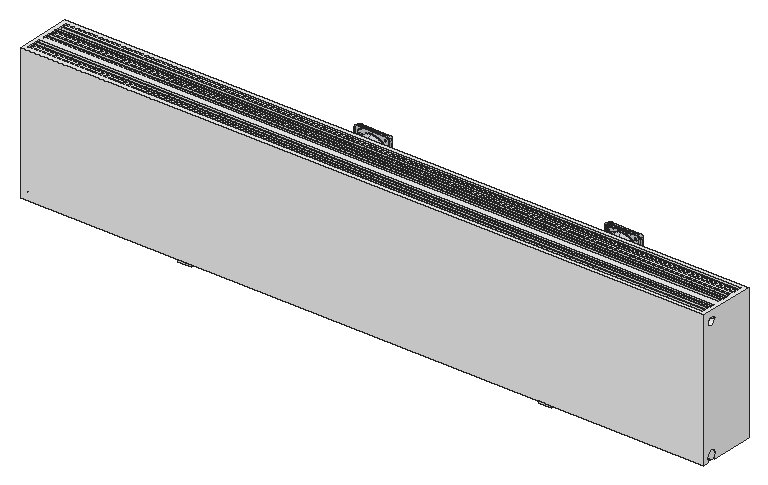
Revit family "57_CRD_ME_Climarad_2-0_elektrisch", category Mechanical Equipment, Revit 2020 (continued)
Definition of nested family "Square Grille"
  Dimensions and locks
    diameter of Extrusion 7 sketch curve = 93 mm
    aligned and locked: level to plane 2
    aligned and locked: Sweep 2 sketch curve to plane 1 "Center (Front/Back)"
    aligned and locked: Sweep 2 sketch curve to profile plane
    aligned and locked: Extrusion 4 to plane 1 "Center (Front/Back)"
    aligned and locked: plane 1 "Center (Front/Back)" to Extrusion 7
    aligned and locked: Extrusion 8 to plane 1 "Center (Front/Back)"
Definition of nested family "57_CRD_ME_kap_climarad_2-0"
  Parameters (values of type "diepte 157 mm")
    materiaal [instance] = none
    lengte [instance] = 2600 mm
    hoogte [instance] = 504 mm
    dikte_staal_sleuf = 1.5 mm
    dikte = 15 mm
    diepte [instance] = 157 mm
    breedte_sleuf = 8 mm
    Default Elevation = 1219.2 mm
  Types (3, lengths in mm): name | hoogte | dikte_staal_sleuf | diepte | breedte_sleuf
    (no name) | 504 | 1.5 | 157 | 8
    diepte 197 mm | 679.861 | 2.5 | 197 | 10
    diepte 157 mm | 504 | 1.5 | 157 | 8
  Reference planes
    plane 1 "Center (Front/Back)": y = 0
    plane 2: z = 0
    plane 3 "Center (Left/Right)": x = 0
    plane 4: x = -1300
    plane 5: x = 1300
    plane 6: y = 157
    plane 7: x = -1285
    plane 8: x = 1285
    plane 9: y = 15
    plane 10 "bovenkant": z = 504
    plane 11: z = 489
    plane 12: y = 142
    plane 13: y = 23
    plane 14: y = 24.5
    plane 15: y = 32.5
    plane 16: y = 34
    plane 17: y = 42
    plane 18: y = 43.5
    plane 19: y = 51.5
    plane 20: y = 134
    plane 21: y = 132.5
    plane 22: y = 124.5
    plane 23: y = 123
    plane 24: y = 115
    plane 25: y = 113.5
    plane 26: y = 105.5
    plane 27: y = 104
    plane 28: y = 96
    plane 29: y = 94.5
    plane 30: y = 86.5
    plane 31: y = 85
    plane 32: y = 77
    plane 33: y = 75.5
    plane 34: y = 67.5
  Forms (mm)
    Extrusion 1, solid, material <- "materiaal"
      sketch origin (0, 0, 0) x (1, 0, 0) y (0, 1, 0)
        loop
          line (-1300, 157) -> (-1300, 0) -> (1300, 0) -> (1300, 157) -> (-1300, 157)
      from 0 to 504 <- "hoogte"
    Extrusion 2, void
      sketch origin (0, 0, 0) x (1, 0, 0) y (0, 1, 0)
        loop
          line (-1285, 15) -> (1285, 15) -> (1285, 157) -> (-1285, 157) -> (-1285, 15)
      from 0 to 489
    Extrusion 3, void
      sketch origin (0, 0, 504) x (-1, 0, 0) y (0, -1, 0)
        loop
          line (1285, -142) -> (1285, -134) -> (-1285, -134) -> (-1285, -142) -> (1285, -142)
      from 0 to -15
    Extrusion 4, void
      sketch origin (0, -12, 504) x (-1, 0, 0) y (0, -1, 0)
        loop
          line (1285, -144.5) -> (1285, -136.5) -> (-1285, -136.5) -> (-1285, -144.5) -> (1285, -144.5)
      from 0 to -15
    Extrusion 5, void
      sketch origin (0, -24, 504) x (-1, 0, 0) y (0, -1, 0)
        loop
          line (1285, -147) -> (1285, -139) -> (-1285, -139) -> (-1285, -147) -> (1285, -147)
      from 0 to -15
    Extrusion 6, void
      sketch origin (0, -36, 504) x (-1, 0, 0) y (0, -1, 0)
        loop
          line (1285, -149.5) -> (1285, -141.5) -> (-1285, -141.5) -> (-1285, -149.5) -> (1285, -149.5)
      from 0 to -15
    Extrusion 7, void
      sketch origin (0, -48, 504) x (-1, 0, 0) y (0, -1, 0)
        loop
          line (1285, -152) -> (1285, -144) -> (-1285, -144) -> (-1285, -152) -> (1285, -152)
      from 0 to -15
    Extrusion 8, void
      sketch origin (0, -60, 504) x (-1, 0, 0) y (0, -1, 0)
        loop
          line (1285, -154.5) -> (1285, -146.5) -> (-1285, -146.5) -> (-1285, -154.5) -> (1285, -154.5)
      from 0 to -15
    Extrusion 9, void
      sketch origin (0, -72, 504) x (-1, 0, 0) y (0, -1, 0)
        loop
          line (1285, -157) -> (1285, -149) -> (-1285, -149) -> (-1285, -157) -> (1285, -157)
      from 0 to -15
    Extrusion 10, void
      sketch origin (0, -84, 504) x (-1, 0, 0) y (0, -1, 0)
        loop
          line (1285, -159.5) -> (1285, -151.5) -> (-1285, -151.5) -> (-1285, -159.5) -> (1285, -159.5)
      from 0 to -15
    Extrusion 11, void
      sketch origin (0, -121, 504) x (-1, 0, 0) y (0, -1, 0)
        loop
          line (1285, -172.5) -> (1285, -164.5) -> (-1285, -164.5) -> (-1285, -172.5) -> (1285, -172.5)
      from 0 to -15
    Extrusion 12, void
      sketch origin (0, -133, 504) x (-1, 0, 0) y (0, -1, 0)
        loop
          line (1285, -175) -> (1285, -167) -> (-1285, -167) -> (-1285, -175) -> (1285, -175)
      from 0 to -15
    Extrusion 13, void
      sketch origin (0, -145, 504) x (-1, 0, 0) y (0, -1, 0)
        loop
          line (1285, -177.5) -> (1285, -169.5) -> (-1285, -169.5) -> (-1285, -177.5) -> (1285, -177.5)
      from 0 to -15
    Extrusion 14, void
      sketch origin (0, -157, 504) x (-1, 0, 0) y (0, -1, 0)
        loop
          line (1285, -180) -> (1285, -172) -> (-1285, -172) -> (-1285, -180) -> (1285, -180)
      from 0 to -15
    Sweep 15, void
      path origin (0, 0, 504) x (-1, 0, 0) y (0, -1, 0)
        loop
          line (-1300, 0) -> (1300, 0)
      profile origin (0, 0, 504) x (0, -1, 0) y (0, 0, 1)
        loop
          circle (-34, -34) r 14.5
    Sweep 16, void
      path origin (0, 0, 0) x (1, 0, 0) y (0, 1, 0)
        loop
          line (1300, 0) -> (-1300, 0)
      profile origin (0, 0, 0) x (0, -1, 0) y (0, 0, 1)
        loop
          arc (-19.5, 19.5) -> (-34, 34) -> (-48.5, 19.5) r 14.5
          line (-48.5, 19.5) -> (-48.5, 0) -> (-19.5, 0) -> (-19.5, 19.5)
    Sweep 17, solid, material <- "materiaal"
      path origin (0, 0, 0) x (1, 0, 0) y (0, 1, 0)
        loop
          line (1300, 0) -> (-1300, 0)
      profile origin (0, 0, 0) x (0, -1, 0) y (0, 0, 1)
        loop
          circle (-34, 19.5) r 14.5
  Cuts and joins
    Extrusion 2, Extrusion 3, Extrusion 4, Extrusion 5, Extrusion 6, Extrusion 7, Extrusion 8, Extrusion 9, Extrusion 10, Extrusion 11, Extrusion 12, Extrusion 13, Extrusion 14, Sweep 15, Sweep 16 cuts Extrusion 1
  Dimensions and locks
    equal spacing: plane 4, plane 3 "Center (Left/Right)", plane 5
    "lengte": plane 4 to plane 5
    "diepte": plane 6 to plane 1 "Center (Front/Back)"
    "dikte": plane 4 to plane 7
    "dikte": plane 8 to plane 5
    "dikte": plane 9 to plane 1 "Center (Front/Back)"
    "dikte": plane 10 "bovenkant" to plane 11
    "hoogte": plane 10 "bovenkant" to plane 2
    "dikte": plane 6 to plane 12
    "breedte_sleuf": plane 12 to plane 20
    "breedte_sleuf": plane 21 to plane 22
    "breedte_sleuf": plane 23 to plane 24
    "breedte_sleuf": plane 25 to plane 26
    "breedte_sleuf": plane 27 to plane 28
    "breedte_sleuf": plane 29 to plane 30
    "breedte_sleuf": plane 31 to plane 32
    "breedte_sleuf": plane 33 to plane 34
    "breedte_sleuf": plane 13 to plane 9
    "breedte_sleuf": plane 15 to plane 14
    "breedte_sleuf": plane 17 to plane 16
    "breedte_sleuf": plane 19 to plane 18
    "dikte_staal_sleuf": plane 20 to plane 21
    "dikte_staal_sleuf": plane 22 to plane 23
    "dikte_staal_sleuf": plane 24 to plane 25
    "dikte_staal_sleuf": plane 26 to plane 27
    "dikte_staal_sleuf": plane 28 to plane 29
    "dikte_staal_sleuf": plane 30 to plane 31
    "dikte_staal_sleuf": plane 32 to plane 33
    "dikte_staal_sleuf": plane 18 to plane 17
    "dikte_staal_sleuf": plane 16 to plane 15
    "dikte_staal_sleuf": plane 14 to plane 13
    aligned and locked: level to plane 2
    aligned and locked: Extrusion 1 sketch curve to plane 6
    aligned and locked: plane 4 to Extrusion 1 sketch curve
    aligned and locked: Extrusion 1 sketch curve to plane 5
    aligned and locked: Extrusion 2 sketch curve to plane 7
    aligned and locked: plane 8 to Extrusion 2 sketch curve
    aligned and locked: Extrusion 2 sketch curve to plane 9
    aligned and locked: plane 6 to Extrusion 2 sketch curve
    aligned and locked: plane 11 to cut or joined group of Extrusion 1, Extrusion 2, Extrusion 3, Extrusion 4, Extrusion 5, Extrusion 6, Extrusion 7, Extrusion 8, Extrusion 9, Extrusion 10, Extrusion 11, Extrusion 12, Extrusion 13, Extrusion 14, Sweep 15, Sweep 16
    aligned and locked: Extrusion 1 sketch curve to plane 1 "Center (Front/Back)"
    aligned and locked: Extrusion 3 sketch curve to plane 12
    aligned and locked: plane 20 to Extrusion 3 sketch curve
    aligned and locked: Extrusion 3 sketch curve to plane 8
    aligned and locked: plane 7 to Extrusion 3 sketch curve
    aligned and locked: Extrusion 3 to plane 11
    aligned and locked: Sweep 15 sketch curve to plane 1 "Center (Front/Back)"
    aligned and locked: plane 5 to Sweep 15 sketch curve
    aligned and locked: plane 4 to Sweep 15 sketch curve
    aligned and locked: Sweep 16 sketch curve to plane 1 "Center (Front/Back)"
    aligned and locked: plane 5 to Sweep 16 sketch curve
    aligned and locked: plane 4 to Sweep 16 sketch curve
    aligned and locked: Sweep 17 sketch curve to plane 1 "Center (Front/Back)"
    aligned and locked: plane 4 to Sweep 17 sketch curve
    aligned and locked: plane 5 to Sweep 17 sketch curve
  Automatic sketch dimensions
    Extrusion 4 sketch curve to plane 8 = 0 mm
    Extrusion 4 sketch curve to plane 7 = 0 mm
    Extrusion 4 sketch curve to plane 21 = 0 mm
    Extrusion 4 sketch curve to plane 22 = 0 mm
    Extrusion 5 sketch curve to plane 8 = 0 mm
    Extrusion 5 sketch curve to plane 7 = 0 mm
    Extrusion 5 sketch curve to plane 23 = 0 mm
    Extrusion 5 sketch curve to plane 24 = 0 mm
    Extrusion 6 sketch curve to plane 8 = 0 mm
    Extrusion 6 sketch curve to plane 7 = 0 mm
    Extrusion 6 sketch curve to plane 25 = 0 mm
    Extrusion 6 sketch curve to plane 26 = 0 mm
    Extrusion 7 sketch curve to plane 8 = 0 mm
    Extrusion 7 sketch curve to plane 7 = 0 mm
    Extrusion 7 sketch curve to plane 27 = 0 mm
    Extrusion 7 sketch curve to plane 28 = 0 mm
    Extrusion 8 sketch curve to plane 8 = 0 mm
    Extrusion 8 sketch curve to plane 7 = 0 mm
    Extrusion 8 sketch curve to plane 29 = 0 mm
    Extrusion 8 sketch curve to plane 30 = 0 mm
    Extrusion 9 sketch curve to plane 8 = 0 mm
    Extrusion 9 sketch curve to plane 7 = 0 mm
    Extrusion 9 sketch curve to plane 31 = 0 mm
    Extrusion 9 sketch curve to plane 32 = 0 mm
    Extrusion 10 sketch curve to plane 8 = 0 mm
    Extrusion 10 sketch curve to plane 7 = 0 mm
    Extrusion 10 sketch curve to plane 33 = 0 mm
    Extrusion 10 sketch curve to plane 34 = 0 mm
    Extrusion 11 sketch curve to plane 8 = 0 mm
    Extrusion 11 sketch curve to plane 7 = 0 mm
    Extrusion 11 sketch curve to plane 19 = 0 mm
    Extrusion 11 sketch curve to plane 18 = 0 mm
    Extrusion 12 sketch curve to plane 8 = 0 mm
    Extrusion 12 sketch curve to plane 7 = 0 mm
    Extrusion 12 sketch curve to plane 17 = 0 mm
    Extrusion 12 sketch curve to plane 16 = 0 mm
    Extrusion 13 sketch curve to plane 8 = 0 mm
    Extrusion 13 sketch curve to plane 7 = 0 mm
    Extrusion 13 sketch curve to plane 15 = 0 mm
    Extrusion 13 sketch curve to plane 14 = 0 mm
    Extrusion 14 sketch curve to plane 8 = 0 mm
    Extrusion 14 sketch curve to plane 7 = 0 mm
    Extrusion 14 sketch curve to plane 13 = 0 mm
    Extrusion 14 sketch curve to plane 9 = 0 mm
    Sweep 15 sketch curve to plane 10 "bovenkant" = 34 mm
    profile plane to Sweep 15 sketch curve = 34 mm
    Sweep 16 sketch curve to level = 0 mm
    profile plane to Sweep 16 sketch curve = 48.5 mm
    level to Sweep 16 sketch curve = 19.5 mm
    Sweep 16 sketch curve to Sweep 16 sketch curve = 14.5 mm
    profile plane to Sweep 17 sketch curve = 34 mm
    level to Sweep 17 sketch curve = 19.5 mm
    radius of Sweep 15 sketch curve = 14.5 mm
    radius of Sweep 17 sketch curve = 14.5 mm
